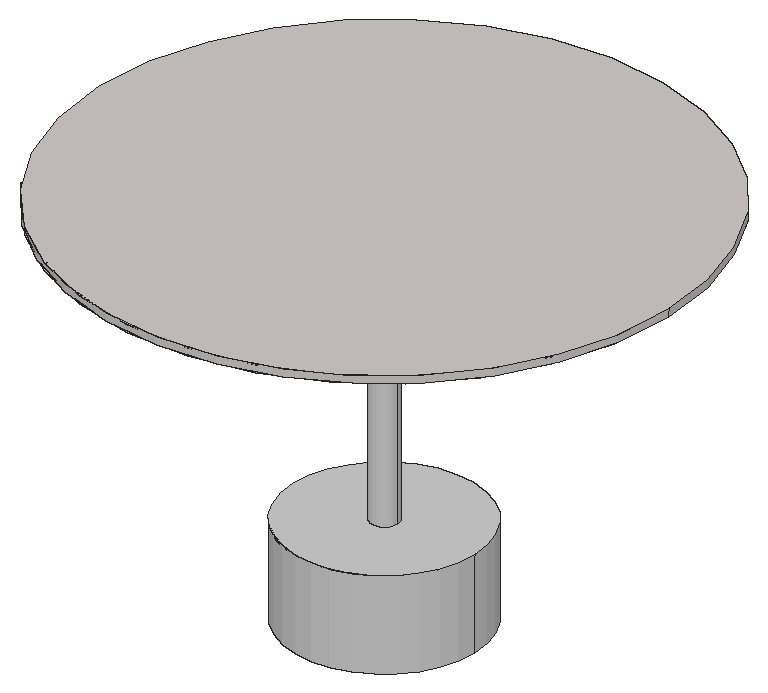
Revit family "Haworth_9_CollaborativeTable", category Furniture, Revit 2018
Family settings
  OmniClass Number = 23.40.70.14.64.21
  OmniClass Title = Systems Furniture
  Work Plane-Based = No
  Always vertical = Yes
  Cut with Voids When Loaded = No
  Shared = No
  Room Calculation Point = No
Parameters (values of type "Large Stone Base")
  Warranty = "http://www.haworth.com/resources/product-info/warranties"
  URL - Product = "https://www.haworth.com/na/en/products/collaborative-conference/9.html"
  URL = "https://www.haworth.com/na/en/about/brands/haworth-collection.html"
  Top Finish [instance] = Haworth _ Stone _ Undecided
  Sustainability Info = "https://www.haworth.com/na/en/expertise/sustainability.html"
  Small = no
  Size = "Verify Final Dim. w/ Haworth"  # constant formula
  Revision Number = "1"  # constant formula
  Outer Diameter = if(Small, 16.75", 21.65")  # 21.65"
  Model = "Haworth - Cassina - 9"  # constant formula
  Manufacturer = "Haworth"  # constant formula
  Large = not(Small)  # yes
  Inner Diameter = if(Small, 15.05", 20.05")  # 20.05"
  Description = "Haworth - Cassina - 9 - Collaborative Table"  # constant formula
  Bottom Base = 6.70"  # constant formula
  Base Finish [instance] = Haworth _ Marble _ Undecided
  Author = "Haworth (Abd Rahman)"  # constant formula
  Assembly Code = "E2020200"
  Actual Height = 28.70"  # constant formula
  Actual Diameter = if(Small, 33.50", 43.30")  # 43.30"
  Actual Depth = Actual Diameter  # 43.30"
Types (2): name | Small | Outer Diameter | Large | Inner Diameter | Actual Diameter | Actual Depth
  Large Stone Base | no | 21.65" | yes | 20.05" | 43.30" | 43.30"
  Small Stone Base | yes | 16.75" | no | 15.05" | 33.50" | 33.50"
Reference planes (in)
  plane 1: z = 0
  plane 2 "Center L/R": x = -6.11989
  plane 3 "Center F/B": y = -11.5
  plane 4 "Back": y = 10.15
  plane 5 "Front": y = -33.15
  plane 6 "Right": x = 15.53011
  plane 7 "Left": x = -27.76989
  plane 8: z = 28.7
  plane 9: z = 28.1809
  plane 10: z = 27.63701
Forms (in)
  Blend 1, solid, material "Haworth _ Stone _ Undecided" <- "Top Finish"
    base sketch origin (0, 0, 0) x (1, 0, 0) y (0, 1, 0)
      loop
        circle (-6.11989, -11.5) r 20.05
    top sketch origin (0, 0, 0) x (1, 0, 0) y (0, 1, 0)
      loop
        circle (-6.11989, -11.5) r 21.65
    from 27.63701 to 28.1809
  Extrusion 2, solid, material "Haworth _ Stone _ Undecided" <- "Top Finish"
    sketch origin (0, 0, 0) x (1, 0, 0) y (0, 1, 0)
      loop
        circle (-6.11989, -11.5) r 21.65
    from 28.1809 to 28.7
Lines and regions (in)
  Masking region 1
    outline origin (0, 0, 0) x (1, 0, 0) y (0, 1, 0)
      loop
        circle (-6.11989, -11.5) r 21.65
  symbolic lines, style "FurnitureHiddenLines"
    curve 1: circle (-6.11989, -11.5, 0) r 20.05 normal (0, 0, 1)
Dimensions and locks (in)
  equal spacing: plane 7 "Left", plane 2 "Center L/R", plane 6 "Right"
  "Actual Diameter": plane 7 "Left" to plane 6 "Right"
  equal spacing: plane 4 "Back", plane 3 "Center F/B", plane 5 "Front"
  "Actual Depth": plane 4 "Back" to plane 5 "Front"
  "Actual Height": plane 8 to level
  "Outer Diameter": radius of Extrusion 2 sketch curve
  "Inner Diameter": radius of Blend 1 sketch curve
  "Outer Diameter": radius of Blend 1 sketch curve
  "Outer Diameter": radius of Masking region 1 sketch curve
  "Inner Diameter": radius of curve 1
  aligned and locked: plane 2 "Center L/R" to nested 1
  aligned and locked: plane 3 "Center F/B" to nested 1
  aligned and locked: nested 1 to level
  aligned and locked: plane 8 to Extrusion 2
  aligned and locked: Extrusion 2 to plane 9
  aligned and locked: plane 2 "Center L/R" to Blend 1 sketch curve  (x2)
  aligned and locked: plane 3 "Center F/B" to Blend 1 sketch curve  (x2)
  aligned and locked: plane 3 "Center F/B" to Masking region 1 sketch curve
  aligned and locked: plane 2 "Center L/R" to Masking region 1 sketch curve
  aligned and locked: plane 2 "Center L/R" to curve 1
  aligned and locked: plane 3 "Center F/B" to curve 1
  aligned and locked: Blend 1 to plane 9
  aligned and locked: plane 10 to Blend 1
Automatic sketch dimensions
  Extrusion 2 sketch curve to plane 2 "Center L/R" = 0.00"
  plane 3 "Center F/B" to Extrusion 2 sketch curve = 0.00"
Nested families (in)
  nested 1: "Haworth_9_Table_Base-Large-PART" at (0, 0, 0), Base Finish <- "Base Finish", type "Base - PART"
    with Base Finish Haworth _ Marble _ Undecided
Definition of nested family "Haworth_9_Table_Base-Large-PART"
  Parameters (values of type "Base - PART")
    Warranty = "http://www.haworth.com/resources/product-info/warranties"
    URL - Product = "https://www.haworth.com/na/en/products/collaborative-conference/9.html"
    URL = "https://www.haworth.com/na/en/about/brands/haworth-collection.html"
    Sustainability Info = "https://www.haworth.com/na/en/expertise/sustainability.html"
    Size = "Verify Final Dim. w/ Haworth"  # constant formula
    Revision Number = "1"  # constant formula
    Model = "Haworth - Cassina - 9"  # constant formula
    Manufacturer = "Haworth"  # constant formula
    Glide Finish = none
    Description = "Haworth - Cassina - 9 - Base - Large - PART"  # constant formula
    Bottom Base = 6.70"  # constant formula
    Base Finish [instance] = none
    Author = "Haworth (Abd Rahman)"  # constant formula
    Assembly Code = "E2020200"
    Actual Height = 28.70"  # constant formula
    Actual Diameter = 33.50"  # constant formula
    Actual Depth = Actual Diameter  # 33.50"
  Reference planes (in)
    plane 1: z = 0
    plane 2 "Center L/R": x = -6.11989
    plane 3 "Center F/B": y = -11.5
    plane 4 "Back": y = 5.25
    plane 5 "Front": y = -28.25
    plane 6 "Right": x = 10.63011
    plane 7 "Left": x = -22.86989
    plane 8: z = 28.7
    plane 9: z = 28.22851
    plane 10: z = 6.81837
    plane 11: z = 0.11837
    plane 12: z = 26.55433
    plane 13: z = 27.5189
    plane 14: z = 27.63701
  Forms (in)
    Extrusion 1, solid, material <- "Base Finish"
      sketch origin (0, 0, 0) x (1, 0, 0) y (0, 1, 0)
        loop
          circle (-6.11989, -11.5) r 6.90206
      from 0.11837 to 6.81837
    Extrusion 2, solid, material <- "Glide Finish"
      sketch origin (0, 0, 0) x (1, 0, 0) y (0, 1, 0)
        loop
          circle (-6.11989, -11.5) r 6.61028
      from 0 to 0.11837
    Extrusion 3, solid, material <- "Base Finish"
      sketch origin (0, 0, 0) x (1, 0, 0) y (0, 1, 0)
        loop
          circle (-6.11989, -11.5) r 0.9913
      from 6.81837 to 26.84693
    Revolve 4, solid, material <- "Base Finish"
      sketch origin (0, -11.50011, 0) x (-1, 0, 0) y (0, 0, 1)
        loop
          line (6.11989, 27.5189) -> (-5.42351, 27.5189) -> (-2.71657, 26.55433) -> (6.11989, 26.55433) -> (6.11989, 27.5189)
        axis (6.11989, 27.5189) -> (6.11989, 26.55433)
      angle from 0 to 360
    Extrusion 5, solid, material <- "Base Finish"
      sketch origin (0, 0, 0) x (1, 0, 0) y (0, 1, 0)
        loop
          circle (-6.11989, -11.5) r 12.80622
      from 27.5189 to 27.63701
  Lines and regions (in)
    Masking region 1
      outline origin (0, 0, 0) x (1, 0, 0) y (0, 1, 0)
        loop
          circle (-6.11989, -11.5) r 12.80622
    symbolic lines
      curve 1: circle (-6.11989, -11.5, 0) r 11.5434 normal (0, 0, 1)
      curve 2: circle (-6.11989, -11.5, 0) r 8.83647 normal (0, 0, 1)
      curve 3: circle (-6.11989, -11.5, 0) r 6.90206 normal (0, 0, 1)
      curve 4: circle (-6.11989, -11.5, 0) r 6.61028 normal (0, 0, 1)
      curve 5: circle (-6.11989, -11.5, 0) r 0.9913 normal (0, 0, 1)
  Dimensions and locks (in)
    equal spacing: plane 7 "Left", plane 2 "Center L/R", plane 6 "Right"
    "Actual Diameter": plane 7 "Left" to plane 6 "Right"
    equal spacing: plane 4 "Back", plane 3 "Center F/B", plane 5 "Front"
    "Actual Depth": plane 4 "Back" to plane 5 "Front"
    "Actual Height": plane 8 to level
    locked: plane 11 to level at 0.11837
    "Bottom Base": plane 10 to plane 11
    locked: plane 8 to plane 9 at 0.47149
    aligned and locked: Extrusion 1 to plane 10
    aligned and locked: Extrusion 1 to plane 11
    aligned and locked: Extrusion 2 to level
    aligned and locked: plane 11 to Extrusion 2
    aligned and locked: plane 10 to Extrusion 3
    aligned and locked: Revolve 4 sketch curve to plane 2 "Center L/R"  (x2)
    aligned and locked: plane 12 to Revolve 4
    aligned and locked: plane 13 to Revolve 4
    aligned and locked: plane 14 to Extrusion 5
    aligned and locked: plane 13 to Extrusion 5
  Automatic sketch dimensions
    Extrusion 2 sketch curve to plane 2 "Center L/R" = 0.00"
    plane 3 "Center F/B" to Extrusion 2 sketch curve = 0.00"
    Extrusion 1 sketch curve to plane 2 "Center L/R" = 0.00"
    plane 3 "Center F/B" to Extrusion 1 sketch curve = 0.00"
    Extrusion 3 sketch curve to plane 2 "Center L/R" = 0.00"
    plane 3 "Center F/B" to Extrusion 3 sketch curve = 0.00"
    Revolve 4 sketch curve to Revolve 4 sketch curve = 2.70694"
    Revolve 4 sketch curve to plane 6 "Right" = 7.91354"
    Revolve 4 sketch curve to Revolve 4 sketch curve = 0.88604"
    Revolve 4 sketch curve to Revolve 4 sketch curve = 0.00"
    plane 9 to Revolve 4 sketch curve = 1.67418"
    Revolve 4 sketch curve to Revolve 4 sketch curve = 0.07853"
    Extrusion 5 sketch curve to plane 2 "Center L/R" = 0.00"
    plane 3 "Center F/B" to Extrusion 5 sketch curve = 0.00"
    Masking region 1 sketch curve to plane 2 "Center L/R" = 0.00"
    plane 3 "Center F/B" to Masking region 1 sketch curve = 0.00"
    curve 1 to curve 2 = 0.00"  (x2)
    curve 1 to curve 3 = 0.00"  (x2)
    curve 1 to curve 4 = 0.00"  (x2)
    curve 1 to curve 5 = 0.00"  (x2)
    curve 2 to curve 3 = 0.00"  (x2)
    curve 2 to curve 4 = 0.00"  (x2)
    curve 2 to curve 5 = 0.00"  (x2)
    curve 3 to curve 4 = 0.00"  (x2)
    curve 3 to curve 5 = 0.00"  (x2)
    curve 4 to curve 5 = 0.00"  (x2)
    curve 2 to plane 2 "Center L/R" = 0.00"
    plane 3 "Center F/B" to curve 2 = 0.00"
    radius of Extrusion 2 sketch curve = 6.61028"
    radius of Extrusion 1 sketch curve = 6.90206"
    radius of Extrusion 3 sketch curve = 0.9913"
    radius of Extrusion 5 sketch curve = 12.80622"
    radius of Masking region 1 sketch curve = 12.80622"
    radius of curve 1 = 11.5434"
    radius of curve 2 = 8.83647"
    radius of curve 3 = 6.90206"
    radius of curve 4 = 6.61028"
    radius of curve 5 = 0.9913"
